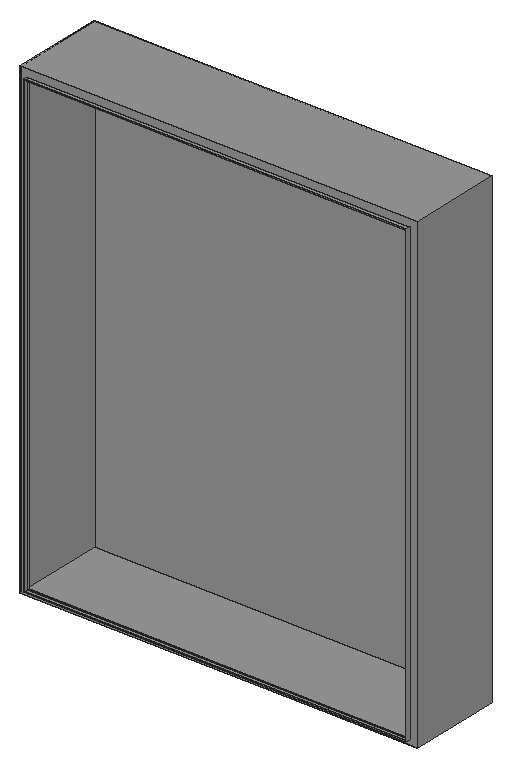
Revit family "Hager-Univers-IP30-D205-H950-Cl.II-Encl-NoHosted-NL-en", category Equipement électrique, Revit 2020
Family settings
  Configuration du panneau = Deux colonnes, circuits au sein
  Cote de connecteur circulaire = Utiliser le diamètre
  Type d'élément = Tableau de raccordement
  Basée sur le plan de construction = Oui
  Toujours verticalement = Oui
  Couper avec des vides une fois chargée = Non
  Partagée = Non
  Point de calcul de pièce = Non
Parameters (values of type "Surface mounted (plaster) IP30 W800 H950 D205  - FP63Q1S")
  Width Control [instance] = if([EF000008 - Width] > Min Width, [EF000008 - Width], Min Width)  # 800 mm
  Commentaires du type = [HG000003 - Range]  # "Univers"
  Thickness Door [instance] = if([EF009171 - Material plate thickness door/cover] > 3 mm, 3 mm, [EF009171 - Material plate thickness door/cover])  # 1 mm
  Seal Frame Offset [instance] = 17 mm  # constant formula
  Plinth Visibility [instance] = [HG000027 - Plinth height] > 0 mm  # no
  Min Width [instance] = 100 mm  # constant formula
  Min Depth [instance] = (2 * [EF009170 - Material plate thickness cabinet]) + 1 mm  # 3 mm
  Min Height [instance] = 100 mm  # constant formula
  Internal Frame Depth [instance] = (Door System Depth * 0.5)  # 9 mm
  Panel Name [instance] = ""  # (empty or 0)
  Model = ""
  HG000027 - Plinth height = 0 mm
  HG000026 - Floor standing = no
  HG000024 - Bottom section height = 600 mm
  HG000023 - Double section enclosure = no
  HG000016 - Door 3d visibility [instance] = yes
  HG000015 - Clearance visibility [instance] = no
  HG000014 - Door on the right [instance] = yes
  HG000013 - Door on the left [instance] = not([HG000014 - Door on the right])  # no
  HG000012 - Door swing angle [instance] = 30.00°
  HG000010 - Asymmetric doors = no
  HG000009 - Double swing door = no
  HG000006 - Flush mounted = no
  HG000004 - Manufacturer reference = "FP63Q1S"
  HG000003 - Range = "Univers"
  HG000002 - With door or cover = no
  Frame Offset Bottom [instance] = 10 mm  # constant formula
  Frame Offset [instance] = 15 mm  # constant formula
  EF015940 - Cover with overpressure release = no
  EF011959 - Degree of protection (NEMA) = ""
  EF009554 - Number of openings for flange plates = 6
  EF009212 - Cover model = "EV009916 - With notch"
  EF009171 - Material plate thickness door/cover = 1 mm
  EF009170 - Material plate thickness cabinet = 1 mm
  EF008873 - Nominal current (In) = 250 A
  EF007800 - Suitable for lightning protection = no
  EF006306 - With lock = no
  EF006244 - Transparent cover/door = no
  EF005474 - Degree of protection (IP) = "EV006410 - IP30"
  EF004464 - Type of door = "EV000494 - None"
  EF004427 - Number of modules = 216
  EF004293 - Impact strength = "EV006813 - IK07"
  EF003532 - Suitable for outdoor use = no
  EF002950 - Width in number of modular spacings = 36
  EF001613 - Circuit integrity = "EV000494 - None"
  EF001596 - Material housing = "EV000179 - Steel"
  EF001131 - Internal depth = 130 mm
  EF001088 - Extension possible = yes
  EF000437 - Number of conduit inlets = 6
  EF000339 - Type of cover = "EV000494 - None"
  EF000266 - Number of rows = 6
  EF000218 - Built-in depth = 0 mm
  EF000118 - With mounting plate = no
  EF000116 - RAL-number = "9010"
  EF000049 - Depth = 205 mm
  EF000040 - Height = 950 mm
  EF000008 - Width = 800 mm
  EF000007 - Colour = "EV000202 - White"
  EF000003 - Mounting method = "EV000384 - Surface mounted (plaster)"
  Door System Leaf Tolerance [instance] = 1.5 mm  # constant formula
  Door System Depth [instance] = 18 mm  # constant formula
  Door Height [instance] = Height Control - [HG000027 - Plinth height]  # 950 mm
  Description = ""
  Default Elevation = 1219.2 mm
  Connector Offset [instance] = Height Control / 2  # 475 mm
  Fabricant = "Hager"  # constant formula
  Height Control [instance] = if([EF000040 - Height] > Min Height, [EF000040 - Height], Min Height)  # 950 mm
  Depth Control [instance] = if([EF000049 - Depth] > Min Depth, [EF000049 - Depth], Min Depth)  # 205 mm
  Bottom Top Plate Trim [instance] = 1.5 mm  # constant formula
  Plinth height Ctrl [instance] = if([HG000027 - Plinth height] > 0 mm, [HG000027 - Plinth height], 12 mm)  # 12 mm
Types (5, lengths in mm): name | Width Control | HG000004 - Manufacturer reference | EF009554 - Number of openings for flange plates | EF004427 - Number of modules | EF002950 - Width in number of modular spacings | EF000437 - Number of conduit inlets | EF000008 - Width
  Surface mounted (plaster) IP30 W1050 H950 D205  - FP64Q1S | 1050 | "FP64Q1S" | 8 | 288 | 48 | 8 | 1050
  Surface mounted (plaster) IP30 W1300 H950 D205  - FP65Q1S | 1300 | "FP65Q1S" | 10 | 360 | 60 | 10 | 1300
  Surface mounted (plaster) IP30 W300 H950 D205  - FP61Q1S | 300 | "FP61Q1S" | 2 | 72 | 12 | 2 | 300
  Surface mounted (plaster) IP30 W550 H950 D205  - FP62Q1S | 550 | "FP62Q1S" | 4 | 144 | 24 | 4 | 550
  Surface mounted (plaster) IP30 W800 H950 D205  - FP63Q1S | 800 | "FP63Q1S" | 6 | 216 | 36 | 6 | 800
Reference planes
  plane 1 "Center (Front/Back)": y = 0
  plane 2: z = 0
  plane 3 "Center (Left/Right)": x = 0
  plane 4: y = 0
  plane 5: y = 0
  plane 6: z = 0
  plane 7: x = -400
  plane 8: x = 400
  plane 9: x = 399
  plane 10: x = -399
  plane 11: z = 0
  plane 12: z = 1
  plane 13: y = -205
  plane 14: y = -1
  plane 15: x = 0
  plane 16: y = -187
  plane 17: y = -204
  plane 18: y = -186
  plane 19: x = -384
  plane 20: x = 384
  plane 21: z = 11
  plane 22: x = -383
  plane 23: x = 383
  plane 24: z = 0
  plane 25: z = 950
  plane 26: z = 950
  plane 27: z = 934
  plane 28: z = 949
Forms (mm)
  Extrusion 1, solid, material "Hager_Steel_RAL7035_Light_Grey", detail levels medium+fine
    sketch origin (-208.679, -4572, 0) x (-1, 0, 0) y (0, -1, 0)
      loop
        line (191.321, -4385) -> (-608.679, -4385) -> (-608.679, -4572) -> (191.321, -4572) -> (191.321, -4385)
    from 0 to 950
  Extrusion 2, void
    sketch origin (-350.771, -205, 1219.2) x (1, 0, 0) y (0, 0, 1)
      loop
        line (-48.229, -270.2) -> (-48.229, -1218.2) -> (749.771, -1218.2) -> (749.771, -270.2) -> (-48.229, -270.2)
    from -19 to -204
  Extrusion 3, void
    sketch origin (-290.084, -187, 1219.2) x (1, 0, 0) y (0, 0, 1)
      loop
        line (-93.916, -1208.2) -> (674.084, -1208.2) -> (674.084, -285.2) -> (-93.916, -285.2) -> (-93.916, -1208.2)
    from 0 to -1
  Extrusion 4, solid, material "Hager_Steel_RAL7035_Light_Grey", visible <- "Plinth Visibility", detail levels medium+fine
    sketch origin (0, 0, 0) x (1, 0, 0) y (0, 1, 0)
      loop
        line (-400, 0) -> (-400, -187) -> (400, -187) -> (400, 0) -> (-400, 0)
    from 0 to 12 <- "Plinth height Ctrl"
  Extrusion 5, solid, material "Hager_Steel_RAL7035_Light_Grey", detail levels coarse
    sketch origin (0, 0, 0) x (1, 0, 0) y (0, 1, 0)
      loop
        line (-400, 0) -> (-400, -205) -> (400, -205) -> (400, 0) -> (-400, 0)
    from 0 to 950 <- "Height Control"
  Sweep 6, void
    path in 3D
      loop
        line (-400, -187, 12) -> (400, -187, 12) -> (400, 0, 12) -> (-400, 0, 12) -> (-400, -187, 12)
    profile origin (-400, -93.5, 12) x (1, 0, 0) y (0, 0, 1)
      loop
        line (0, 0) -> (0, -1.5) -> (1.5, -1.5)
        arc (1.5, -1.5) -> (1.061, -0.439) -> (0, 0) r 1.5
  Extrusion 7, solid, material "Hager_Steel_RAL7035_Light_Grey", detail levels fine
    sketch origin (-400, -187, 0) x (1, 0, 0) y (0, 0, 1)
      loop
        line (16, 11) -> (784, 11) -> (784, 934) -> (16, 934) -> (16, 11)
      loop
        line (15, 10) -> (785, 10) -> (785, 935) -> (15, 935) -> (15, 10)
    from 0 to 9 <- "Internal Frame Depth"
Cuts and joins
  Extrusion 2, Extrusion 3 cuts Extrusion 1
  Sweep 6 cuts Extrusion 4
Lines and regions (mm)
  Masking region 1
    outline origin (0, 0, 0) x (1, 0, 0) y (0, 1, 0)
      loop
        line (-400, 0) -> (-400, -205) -> (400, -205) -> (400, 0) -> (-400, 0)
  Masking region 2, detail levels coarse
    outline origin (-290.084, -187, 1219.2) x (-1, 0, 0) y (0, 0, 1)
      loop
        line (-690.084, -1219.2) -> (109.916, -1219.2) -> (109.916, -269.2) -> (-690.084, -269.2) -> (-690.084, -1219.2)
  Masking region 3, detail levels coarse
    outline origin (0, 0, 0) x (0, 1, 0) y (0, 0, 1)
      loop
        line (0, 0) -> (0, 950) -> (-205, 950) -> (-205, 0) -> (0, 0)
  Masking region 4, visible <- "Plinth Visibility", detail levels medium+fine
    outline origin (0, 0, 0) x (0, 1, 0) y (0, 0, 1)
      loop
        line (-1.5, 12) -> (-185.5, 12)
        arc (-185.5, 12) -> (-185.939, 10.939) -> (-187, 10.5) r 1.5
        line (-187, 10.5) -> (-187, 0) -> (0, 0) -> (0, 10.5)
        arc (0, 10.5) -> (-1.061, 10.939) -> (-1.5, 12) r 1.5
  Masking region 5, detail levels medium+fine
    outline origin (0, 0, 594.038) x (0, 1, 0) y (0, 0, 1)
      loop
        line (0, -594.038) -> (0, 355.962) -> (-187, 355.962) -> (-187, -594.038) -> (0, -594.038)
  Masking region 6, detail levels medium+fine
    outline origin (-359.7, -187, 1211.883) x (-1, 0, 0) y (0, 0, 1)
      loop
        line (-759.7, -1211.883) -> (40.3, -1211.883) -> (40.3, -261.883) -> (-759.7, -261.883) -> (-759.7, -1211.883)
  Masking region 7, visible <- "Plinth Visibility", detail levels medium+fine
    outline origin (-320.334, -187, 1041.368) x (-1, 0, 0) y (0, 0, 1)
      loop
        line (-720.334, -1041.368) -> (79.666, -1041.368) -> (79.666, -1030.868)
        arc (79.666, -1030.868) -> (78.606, -1030.429) -> (78.166, -1029.368) r 1.5
        line (78.166, -1029.368) -> (-718.834, -1029.368)
        arc (-718.834, -1029.368) -> (-719.273, -1030.429) -> (-720.334, -1030.868) r 1.5
        line (-720.334, -1030.868) -> (-720.334, -1041.368)
  sketch lines
    curve 1: line (-400, 0, 12) -> (-400, -187, 12)
    curve 2: line (-400, -187, 12) -> (400, -187, 12)
    curve 3: line (400, 0, 12) -> (-400, 0, 12)
    curve 4: line (400, -187, 12) -> (400, 0, 12)
Dimensions and locks
  locked: plane 1 "Center (Front/Back)" to plane 5
  "EF009170 - Material plate thickness cabinet": plane 7 to plane 10
  "EF009170 - Material plate thickness cabinet": plane 8 to plane 9
  equal spacing: plane 7, plane 3 "Center (Left/Right)", plane 8
  "Width Control": plane 7 to plane 8
  "Depth Control": plane 4 to plane 13
  "EF009170 - Material plate thickness cabinet": plane 4 to plane 14
  "Height Control": plane 25 to level
  "HG000027 - Plinth height": plane 11 to level
  "EF009170 - Material plate thickness cabinet": plane 12 to plane 11
  "EF009170 - Material plate thickness cabinet": plane 17 to plane 13
  "EF009170 - Material plate thickness cabinet": plane 18 to plane 16
  "Frame Offset Bottom": plane 21 to plane 12
  "Frame Offset": plane 10 to plane 19
  "Frame Offset": plane 9 to plane 20
  "Door System Depth": plane 16 to plane 13
  "Seal Frame Offset": plane 7 to plane 22
  "Seal Frame Offset": plane 8 to plane 23
  "EF009170 - Material plate thickness cabinet": plane 26 to plane 28
  "Frame Offset": plane 28 to plane 27
  "Connector Offset": plane 2 to connector elem
  "Bottom Top Plate Trim": profile plane to Sweep 6 sketch curve
  "Bottom Top Plate Trim": Sweep 6 sketch curve to Sweep 6 sketch curve
  "Plinth height Ctrl": Masking region 4 sketch curve to level
  "Plinth height Ctrl": Masking region 7 sketch curve to level
  "Thickness Door": Extrusion 7 sketch curve to Extrusion 7 sketch curve  (x4)
  "Bottom Top Plate Trim": radius of Sweep 6 sketch curve
  "Bottom Top Plate Trim": radius of Masking region 4 sketch curve  (x2)
  "Bottom Top Plate Trim": radius of Masking region 7 sketch curve  (x2)
  aligned and locked: Extrusion 2 sketch curve to plane 12
  aligned and locked: Extrusion 2 sketch curve to plane 9
  aligned and locked: Extrusion 2 sketch curve to plane 10
  aligned and locked: Extrusion 2 to plane 14
  aligned and locked: Extrusion 1 sketch curve to plane 4
  aligned and locked: plane 8 to Extrusion 1 sketch curve
  aligned and locked: plane 7 to Extrusion 1 sketch curve
  aligned and locked: Extrusion 2 to plane 18
  aligned and locked: Extrusion 3 sketch curve to plane 19
  aligned and locked: plane 20 to Extrusion 3 sketch curve
  aligned and locked: Extrusion 3 to Extrusion 2
  aligned and locked: Extrusion 3 sketch curve to plane 21
  aligned and locked: plane 3 "Center (Left/Right)" to nested 1
  aligned and locked: Extrusion 1 sketch curve to plane 16
  aligned and locked: Extrusion 4 sketch curve to cut or joined group of Extrusion 1, Extrusion 2, Extrusion 3
  aligned and locked: Masking region 1 sketch curve to plane 7
  aligned and locked: Masking region 1 sketch curve to plane 5
  aligned and locked: Masking region 1 sketch curve to plane 8
  aligned and locked: Masking region 2 sketch curve to level
  aligned and locked: level to Masking region 3 sketch curve
  aligned and locked: plane 1 "Center (Front/Back)" to Masking region 3 sketch curve
  aligned and locked: plane 13 to Masking region 3 sketch curve
  aligned and locked: plane 5 to Masking region 4 sketch curve
  aligned and locked: Masking region 2 sketch curve to plane 8
  aligned and locked: Masking region 2 sketch curve to plane 7
  aligned and locked: plane 7 to nested 2
  aligned and locked: nested 2 to plane 5
  aligned and locked: plane 5 to Masking region 5 sketch curve
  aligned and locked: plane 26 to Masking region 5 sketch curve
  aligned and locked: Extrusion 5 sketch curve to plane 8
  aligned and locked: Extrusion 5 sketch curve to plane 7
  aligned and locked: Extrusion 5 sketch curve to plane 5
  aligned and locked: Extrusion 3 sketch curve to plane 27
  aligned and locked: Extrusion 2 sketch curve to plane 28
  aligned and locked: Masking region 2 to plane 25
  aligned and locked: Extrusion 4 to plane 16
  aligned and locked: profile plane to Sweep 6 sketch curve
  aligned and locked: Masking region 5 sketch curve to plane 24
  aligned and locked: level to Masking region 4 sketch curve
  aligned and locked: Masking region 1 to plane 13
  aligned and locked: nested 1 to plane 16
  aligned and locked: Masking region 3 to plane 25
  aligned and locked: plane 16 to Masking region 4 sketch curve
  aligned and locked: Masking region 5 sketch curve to plane 16
  aligned and locked: plane 24 to plane 11
  aligned and locked: plane 26 to plane 25
  aligned and locked: plane 26 to cut or joined group of Extrusion 1, Extrusion 2, Extrusion 3
  aligned and locked: nested 1 to plane 24
  aligned and locked: Extrusion 1 to Extrusion 3
  aligned and locked: Masking region 6 sketch curve to plane 8
  aligned and locked: Masking region 6 sketch curve to plane 24
  aligned and locked: Masking region 6 sketch curve to plane 7
  aligned and locked: Masking region 6 sketch curve to plane 26
  aligned and locked: Masking region 7 sketch curve to plane 7
  aligned and locked: level to Masking region 7 sketch curve
  aligned and locked: Masking region 7 sketch curve to plane 8
  aligned and locked: Extrusion 7 sketch curve to cut or joined group of Extrusion 1, Extrusion 2, Extrusion 3  (x4)
Automatic sketch dimensions
  plane 19 to Extrusion 3 sketch curve = 0 mm
  Extrusion 3 sketch curve to plane 20 = 0 mm
  Extrusion 3 sketch curve to plane 21 = 0 mm
  Extrusion 4 sketch curve to plane 7 = 0 mm
  Extrusion 4 sketch curve to plane 8 = 0 mm
  Extrusion 4 sketch curve to plane 16 = 0 mm
  Masking region 1 sketch curve to plane 13 = 0 mm
  Masking region 2 sketch curve to plane 25 = 0 mm
  Masking region 3 sketch curve to plane 25 = 0 mm
  Extrusion 5 sketch curve to plane 13 = 0 mm
  profile plane to Sweep 6 sketch curve = 0 mm
Nested families
  nested 1: "EC000058_Univers_Door" at (0, -187, 0), Double <- "HG000009 - Double swing door", Transparent <- "EF006244 - Transparent cover/door", Angle <- "HG000012 - Door swing angle", Door_Right <- "HG000014 - Door on the right", Assymetrical <- "HG000010 - Asymmetric doors", Door <- "HG000002 - With door or cover", Width_Ctrl <- "Width Control", 3d_Door <- "HG000016 - Door 3d visibility", Clearance <- "HG000015 - Clearance visibility", Door_Left <- "HG000013 - Door on the left", Width <- "Width Control", Door_Depth <- "Door System Depth", Leaf_Tolerance <- "Door System Leaf Tolerance", Height <- "Door Height", Lock_Visibility <- "EF006306 - With lock", Thickness <- "Thickness Door", type "EC000058_Univers_Door", detail levels medium+fine
    with min_wh 3 mm, Width_Ctrl 800 mm, Width 800 mm, Transparent no, Thickness 1 mm, Seal_Material Hager_Rubber, Lock_Visibility no, Lock_Material Hager_Plastic_RAL9005_Jet_Black, Leaf_Width 800 mm, Leaf_Tolerance_External_Sides 0 mm, Leaf_Tolerance 1.5 mm, Leaf_Offset 0 mm, Leaf_Height 947 mm, Leaf_2_Width 800 mm, Leaf_2_Offset 400 mm, Leaf_1_Width 800 mm, Leaf_1_Offset 400 mm, Height_Ctrl 950 mm, Height 950 mm, Glass_Material Hager_Glass, Double_Clearance_Ctrl no, Double no, Door_Right_Ctrl no, Door_Right yes, Door_Material Hager_Steel_RAL7035_Light_Grey, Door_Left_Ctrl no, Door_Left no, Door_Depth 18 mm, Door no, Clearance_Material Hager_Clearance, Clearance_Depth 800 mm, Clearance_Ctrl no, Clearance no, Assymetrical no, Angle 30.00°, 3d_Door yes
  nested 2: "Hager_Enclosure_Symbol" at (-400, 0, 0), Height <- "Depth Control", Width <- "Width Control", type "Hager_Enclosure_Symbol"
    with Width_Ctrl 800 mm, Width 800 mm, Height_Ctrl 205 mm, Height 205 mm, A_Width_Int 13.453 mm, A_Width 161.438 mm, A_Height_Ctrl 179.375 mm, A_Height 179.375 mm
Connectors
  electrical at (0, 0, 475)
    settings: on plane 1 "Center (Front/Back)", index 1, voltage 0 V, apparent load 0 VA, apparent load phase1 0 VA, apparent load phase2 0 VA, apparent load phase3 0 VA, power factor 1, load classification "Other", number of poles 1, system type 30, power factor state 1, is connector primary yes, connector utility no, sub classification motor no, connector description ""
Definition of nested family "EC000058_Univers_Door"
  Parameters (values of type "EC000058_Univers_Door")
    min_wh [instance] = (2 * Thickness) + 1 mm  # 11 mm
    Width_Ctrl [instance] = 400 mm
    Width [instance] = 500 mm
    Transparent [instance] = yes
    Thickness [instance] = 5 mm
    Seal_Material [instance] = none
    Lock_Visibility [instance] = yes
    Lock_Material [instance] = none
    Leaf_Width [instance] = if((Width_Ctrl - 2 * Leaf_Tolerance_External_Sides) > 0 mm, (Width_Ctrl - 2 * Leaf_Tolerance_External_Sides), min_wh)  # 400 mm
    Leaf_Tolerance_External_Sides [instance] = 0 mm  # constant formula
    Leaf_Tolerance [instance] = 1.5 mm
    Leaf_Offset [instance] = 0 mm  # constant formula
    Leaf_Height [instance] = if((Height_Ctrl - 2 * Leaf_Tolerance) > 0 mm, (Height_Ctrl - 2 * Leaf_Tolerance), min_wh)  # 497 mm
    Leaf_2_Width [instance] = if(and(and(Double, Assymetrical), Door_Left), (Leaf_Width / 3) - (Leaf_Tolerance / 2), if(and(and(Double, Assymetrical), Door_Right), (Leaf_Width / 3) * 2 - (Leaf_Tolerance / 2), if(and(Double, not(Assymetrical)), (Leaf_Width / 2) - Leaf_Tolerance, Leaf_Width)))  # 400 mm
    Leaf_2_Offset [instance] = if(and(Double, Assymetrical), Leaf_2_Width / 2, if(and(Double, not(Assymetrical)), Leaf_Width / 4, Leaf_Width / 2))  # 200 mm
    Leaf_1_Width [instance] = if(and(and(Double, Assymetrical), Door_Right), (Leaf_Width / 3) - (Leaf_Tolerance / 2), if(and(and(Double, Assymetrical), Door_Left), (Width / 3) * 2 - (Leaf_Tolerance / 2), if(and(Double, not(Assymetrical)), (Leaf_Width / 2) - Leaf_Tolerance, Leaf_Width)))  # 400 mm
    Leaf_1_Offset [instance] = if(and(Double, Assymetrical), Leaf_1_Width / 2, if(and(Double, not(Assymetrical)), Leaf_Width / 4, Leaf_Width / 2))  # 200 mm
    Height_Ctrl [instance] = if(Height > min_wh, Height, min_wh)  # 500 mm
    Height [instance] = 500 mm
    Glass_Material [instance] = none
    Double_Clearance_Ctrl [instance] = and(Double, Clearance)  # no
    Double [instance] = no
    Door_Right_Ctrl [instance] = and(or(Door_Right, Double), Door)  # yes
    Door_Right [instance] = yes
    Door_Material [instance] = none
    Door_Left_Ctrl [instance] = and(or(Door_Left, Double), Door)  # no
    Door_Left [instance] = no
    Door_Depth [instance] = 30 mm
    Door [instance] = yes
    Default Elevation = 1219.2 mm
    Clearance_Material [instance] = none
    Clearance_Depth [instance] = if(Leaf_1_Width > Leaf_2_Width, Leaf_1_Width, Leaf_2_Width)  # 400 mm
    Clearance_Ctrl [instance] = and(not(Double), Clearance)  # yes
    Clearance [instance] = yes
    Assymetrical [instance] = yes
    Angle [instance] = 30.00°
    3d_Door [instance] = yes
  Reference planes
    plane 1 "Center (Front/Back)": y = 0
    plane 2 "Bottom": z = 0
    plane 3 "Center (Left/Right)": x = 0
    plane 4: z = 500
    plane 5: x = -200
    plane 6: x = 200
    plane 7: z = 500
    plane 8: x = -200
    plane 9: z = 0
    plane 10: x = 200
    plane 11: y = 0
    plane 12: z = 1.5
    plane 13: x = -600
    plane 14: y = -400
    plane 15: x = 600
    plane 16: x = 0
    plane 17: x = 0
    plane 18: x = -200
    plane 19: x = 200
    plane 20: z = 498.5
  Forms (mm)
    Extrusion 1, solid, material <- "Clearance_Material", visible <- "Double_Clearance_Ctrl"
      sketch origin (1200, 0, 0) x (1, 0, 0) y (0, 0, -1)
        loop
          line (-1800, -498.5) -> (-600, -498.5) -> (-600, 0) -> (-1800, 0) -> (-1800, -498.5)
      from 0 to -400
  Dimensions and locks
    equal spacing: plane 5, plane 3 "Center (Left/Right)", plane 6
    "Width_Ctrl": plane 5 to plane 6
    "Leaf_Offset": plane 5 to plane 8
    "Leaf_Offset": plane 6 to plane 10
    "Leaf_Offset": plane 9 to level
    "Leaf_Offset": plane 4 to plane 7
    "Height_Ctrl": plane 4 to level
    "Leaf_Tolerance": plane 12 to plane 9
    locked: plane 11 to plane 1 "Center (Front/Back)"
    "Leaf_1_Offset": plane 18 to plane 16
    "Leaf_2_Offset": plane 17 to plane 19
    "Leaf_1_Width": plane 13 to plane 8
    "Leaf_2_Width": plane 10 to plane 15
    "Clearance_Depth": plane 14 to plane 1 "Center (Front/Back)"
    "Leaf_Tolerance_External_Sides": plane 8 to plane 18
    "Leaf_Tolerance_External_Sides": plane 19 to plane 10
    "Leaf_Tolerance": plane 7 to plane 20
    aligned and locked: level to plane 2 "Bottom"
    aligned and locked: nested 1 to plane 16
    aligned and locked: nested 2 to plane 17
    aligned and locked: Extrusion 1 to plane 13
    aligned and locked: plane 15 to Extrusion 1
    aligned and locked: Extrusion 1 to plane 14
    aligned and locked: plane 12 to nested 1
    aligned and locked: nested 2 to plane 12
    aligned and locked: Extrusion 1 to plane 11
    aligned and locked: plane 20 to Extrusion 1
    aligned and locked: nested 2 to plane 11
    aligned and locked: nested 1 to plane 11
  Automatic sketch dimensions
    Extrusion 1 sketch curve to level = 0 mm
    plane 5 to Extrusion 1 sketch curve = 400 mm
    plane 6 to Extrusion 1 sketch curve = 400 mm
    Extrusion 1 sketch curve to plane 4 = 1.5 mm
  Nested families
    nested 1: "EC000058_Univers_Door_Leaf" at (0, 0, 1.5), Width <- "Leaf_1_Width", visible <- "Door_Left_Ctrl", Leaf_Height <- "Leaf_Height", Angle <- "Angle", 3d_Door <- "3d_Door", Transparent <- "Transparent", Clearance Material <- "Clearance_Material", Clearance <- "Clearance_Ctrl", Door_Material <- "Door_Material", Glass_Material <- "Glass_Material", Door_Depth <- "Door_Depth", Lock_Material <- "Lock_Material", Seal_Material <- "Seal_Material", Lock_Visibility <- "Lock_Visibility", Thickness <- "Thickness", type "EC000058_Univers_Door_Leaf"
      with Width 400 mm, Transparent_Glass_Offset 30 mm, Transparent_Ctrl yes, Transparent yes, Thickness 5 mm, Standard no, Seal_Material none, Seal_D2 8 mm, Seal_D1 1 mm, Offset_Internal_Frame 10 mm, Lock_Width 20 mm, Lock_Visibility_3d yes, Lock_Visibility yes, Lock_Thickness_3 3 mm, Lock_Thickness_2 1 mm, Lock_Thickness_1 3 mm, Lock_Radius_Offset_2 16 mm, Lock_Radius_Offset_1 15 mm, Lock_Radius_2 5 mm, Lock_Radius 6 mm, Lock_Offset 5 mm, Lock_Material none, Lock_Height 80 mm, Lock_Cover_Top_Offset_2d 17 mm, Lock_Cover_Height -65 mm, Leaf_Height 497 mm, Internal_Seal_Thickness 8 mm, Internal_Seal_Depth_2 4.5 mm, Internal_Frame_Depth 25 mm, Glass_Thickness -1 mm, Glass_Offset -2 mm, Glass_Material none, Door_Material none, Door_Depth 30 mm, Clearance Material none, Clearance yes, Angle_Ctrl 30.00°, Angle 30.00°, 3d_Door yes
    nested 2: "EC000058_Univers_Door_Leaf" at (0, 0, 1.5) x (-1, 0, 0) z (0, 0, 1), Width <- "Leaf_2_Width", visible <- "Door_Right_Ctrl", Leaf_Height <- "Leaf_Height", Angle <- "Angle", 3d_Door <- "3d_Door", Transparent <- "Transparent", Clearance Material <- "Clearance_Material", Clearance <- "Clearance_Ctrl", Door_Material <- "Door_Material", Glass_Material <- "Glass_Material", Door_Depth <- "Door_Depth", Lock_Material <- "Lock_Material", Seal_Material <- "Seal_Material", Lock_Visibility <- "Lock_Visibility", Thickness <- "Thickness", type "EC000058_Univers_Door_Leaf"
      with Width 400 mm, Transparent_Glass_Offset 30 mm, Transparent_Ctrl yes, Transparent yes, Thickness 5 mm, Standard no, Seal_Material none, Seal_D2 8 mm, Seal_D1 1 mm, Offset_Internal_Frame 10 mm, Lock_Width 20 mm, Lock_Visibility_3d yes, Lock_Visibility yes, Lock_Thickness_3 3 mm, Lock_Thickness_2 1 mm, Lock_Thickness_1 3 mm, Lock_Radius_Offset_2 16 mm, Lock_Radius_Offset_1 15 mm, Lock_Radius_2 5 mm, Lock_Radius 6 mm, Lock_Offset 5 mm, Lock_Material none, Lock_Height 80 mm, Lock_Cover_Top_Offset_2d 17 mm, Lock_Cover_Height -65 mm, Leaf_Height 497 mm, Internal_Seal_Thickness 8 mm, Internal_Seal_Depth_2 4.5 mm, Internal_Frame_Depth 25 mm, Glass_Thickness -1 mm, Glass_Offset -2 mm, Glass_Material none, Door_Material none, Door_Depth 30 mm, Clearance Material none, Clearance yes, Angle_Ctrl 30.00°, Angle 30.00°, 3d_Door yes
  Definition of nested family "EC000058_Univers_Door_Leaf"
    Parameters (values of type "EC000058_Univers_Door_Leaf")
      Width [instance] = 2000 mm
      Transparent_Glass_Offset [instance] = 30 mm
      Transparent_Ctrl [instance] = and(Transparent, [3d_Door])  # yes
      Transparent [instance] = yes
      Thickness [instance] = 5 mm
      Standard [instance] = and(not(Transparent), [3d_Door])  # no
      Seal_Material [instance] = none
      Seal_D2 [instance] = 8 mm  # constant formula
      Seal_D1 [instance] = 1 mm  # constant formula
      Offset_Internal_Frame [instance] = 10 mm  # constant formula
      Lock_Width [instance] = 20 mm  # constant formula
      Lock_Visibility_3d [instance] = and(Lock_Visibility, [3d_Door])  # yes
      Lock_Visibility [instance] = yes
      Lock_Thickness_3 [instance] = 3 mm  # constant formula
      Lock_Thickness_2 [instance] = 1 mm  # constant formula
      Lock_Thickness_1 [instance] = 3 mm  # constant formula
      Lock_Radius_Offset_2 [instance] = Lock_Radius_Offset_1 + 1 mm  # 16 mm
      Lock_Radius_Offset_1 [instance] = 15 mm  # constant formula
      Lock_Radius_2 [instance] = Lock_Radius - 1 mm  # 5 mm
      Lock_Radius [instance] = 6 mm  # constant formula
      Lock_Offset [instance] = 5 mm  # constant formula
      Lock_Material [instance] = none
      Lock_Height [instance] = 80 mm  # constant formula
      Lock_Cover_Top_Offset_2d [instance] = Lock_Radius_Offset_2 + 1 mm  # 17 mm
      Lock_Cover_Height [instance] = -(Lock_Height - Lock_Radius_Offset_1)  # -65 mm
      Leaf_Height [instance] = 2720.336 mm
      Internal_Seal_Thickness [instance] = 8 mm  # constant formula
      Internal_Seal_Depth_2 [instance] = 4.5 mm  # constant formula
      Internal_Frame_Depth [instance] = if(Door_Depth - Thickness > 5 mm, Door_Depth - Thickness, 5 mm)  # 25 mm
      Glass_Thickness [instance] = if(Thickness > 15 mm, Glass_Offset + 10 mm, -1 mm)  # -1 mm
      Glass_Offset [instance] = if(Thickness > 15 mm, -(Thickness + 10 mm) / 2, -2 mm)  # -2 mm
      Glass_Material [instance] = none
      Door_Material [instance] = none
      Door_Depth [instance] = 30 mm
      Default Elevation = 0 mm
      Clearance Material [instance] = none
      Clearance [instance] = yes
      Angle_Ctrl [instance] = if(Angle > 180.00°, 180.00°, Angle)  # 90.00°
      Angle [instance] = 90.00°
      3d_Door [instance] = yes
    Reference planes
      plane 1 "Center (Front/Back)": y = 0
      plane 2: z = 0
      plane 3 "Center (Left/Right)": x = 0
      plane 4: y = 2000
      plane 5: x = -1000
      plane 6: x = 1000
      plane 7: x = -3000
      plane 8: z = 2720.336
      plane 9: z = 30
      plane 10: z = 2690.336
      plane 11: x = 970
      plane 12: x = -970
      plane 13: y = -3
      plane 14: z = 107.833
      plane 15: y = -5
      plane 16: y = -223.314
      plane 17: x = -1000
      plane 18: z = 1360.168
      plane 19: y = 30
    Forms (mm)
      Extrusion 1, solid, material <- "Clearance Material", visible <- "Clearance"
        sketch origin (0, 0, 0) x (1, 0, 0) y (0, 0, 1)
          loop
            line (-3000, 2720.336) -> (-3000, 0) -> (1000, 0) -> (1000, 2720.336) -> (-3000, 2720.336)
        from 0 to -2000
      Extrusion 2, solid, material <- "Door_Material", visible <- "Standard", detail levels medium+fine
        sketch origin (-1000, 0, 0) x (0, 1, 0) y (-1, 0, 0)
          loop
            line (0, 30) -> (0, 25) -> (2000, 25) -> (2000, 30) -> (0, 30)
        from 0 to 2720.336 <- "Leaf_Height"
      Extrusion 3, solid, material <- "Door_Material", visible <- "Transparent_Ctrl", detail levels medium+fine
        sketch origin (-1000, 0, 0) x (0, 1, 0) y (-1, 0, 0)
          loop
            line (0, 25) -> (2000, 25) -> (2000, 30) -> (0, 30) -> (0, 25)
        from 0 to 2720.336 <- "Leaf_Height"
      Extrusion 4, void
        sketch origin (-1025, 2000, 0) x (0, 1, 0) y (0, 0, -1)
          loop
            line (-30, -2690.336) -> (-30, -30) -> (-1970, -30) -> (-1970, -2690.336) -> (-30, -2690.336)
        from 0 to 5 <- "Thickness"
      Sweep 5, solid, material <- "Seal_Material", visible <- "Transparent_Ctrl", detail levels fine
        path in 3D
          loop
            line (-1025, 30, 30) -> (-1025, 30, 2690.336) -> (-1025, 1970, 2690.336) -> (-1025, 1970, 30) -> (-1025, 30, 30)
        profile origin (-1025, 1000, 30) x (1, 0, 0) y (0, 0, 1)
          loop
            line (0, 0) -> (0, -8) -> (1, -8) -> (1, 0) -> (0, 0)
      Extrusion 6, solid, material <- "Glass_Material", visible <- "Transparent_Ctrl", detail levels medium+fine
        sketch origin (-1030, 0, 0) x (0, 1, 0) y (0, 0, -1)
          loop
            line (1970, -2690.336) -> (1970, -30) -> (30, -30) -> (30, -2690.336) -> (1970, -2690.336)
        from -2 <- "Glass_Offset" to -1 <- "Glass_Thickness"
      Extrusion 7, solid, material <- "Door_Material", visible <- "3d_Door", detail levels medium+fine
        sketch origin (-1025, 2000, 0) x (0, -1, 0) y (0, 0, -1)
          loop
            line (0, -2720.336) -> (2000, -2720.336) -> (2000, 0) -> (0, 0) -> (0, -2720.336)
          loop
            line (1995, -5) -> (5, -5) -> (5, -2715.336) -> (1995, -2715.336) -> (1995, -5)
        from 0 to 25 <- "Internal_Frame_Depth"
      Sweep 8, solid, material <- "Seal_Material", visible <- "Transparent_Ctrl", detail levels fine
        path in 3D
          loop
            line (-1025, 0, 0) -> (-1025, 2000, 0) -> (-1025, 2000, 2720.336) -> (-1025, 0, 2720.336) -> (-1025, 0, 0)
        profile origin (-1025, 0, 1360.168) x (1, 0, 0) y (0, 1, 0)
          loop
            line (0, 10) -> (2.975, 10)
            arc (2.975, 10) -> (4.053, 10.447) -> (4.5, 11.525) r 1.525
            line (4.5, 11.525) -> (4.5, 16.527)
            arc (4.5, 16.527) -> (4.069, 17.569) -> (3.027, 18) r 1.473
            line (3.027, 18) -> (0, 18) -> (0, 10)
      Extrusion 9, solid, material <- "Lock_Material", visible <- "Lock_Visibility_3d", detail levels fine
        sketch origin (-1030, 0, 0) x (0, 1, 0) y (0, 0, -1)
          loop
            arc (1993.5, -1400.168) -> (1994.561, -1399.729) -> (1995, -1398.668) r 1.5
            line (1995, -1398.668) -> (1995, -1320.168) -> (1975, -1320.168) -> (1975, -1398.668)
            arc (1975, -1398.668) -> (1975.439, -1399.729) -> (1976.5, -1400.168) r 1.5
            line (1976.5, -1400.168) -> (1993.5, -1400.168)
        from 3 <- "Lock_Thickness_1" to 0
      Blend 10, solid, material <- "Lock_Material", visible <- "Lock_Visibility_3d", detail levels fine
        base sketch origin (-1033, 0, 0) x (0, 1, 0) y (0, 0, -1)
          loop
            line (1975, -1320.168) -> (1975, -1398.668)
            arc (1975, -1398.668) -> (1975.439, -1399.729) -> (1976.5, -1400.168) r 1.5
            line (1976.5, -1400.168) -> (1993.5, -1400.168)
            arc (1993.5, -1400.168) -> (1994.561, -1399.729) -> (1995, -1398.668) r 1.5
            line (1995, -1398.668) -> (1995, -1320.168) -> (1975, -1320.168)
        top sketch origin (-1033, 0, 0) x (0, 1, 0) y (0, 0, -1)
          loop
            line (1976, -1320.168) -> (1976, -1398.668)
            arc (1976, -1398.668) -> (1976.146, -1399.022) -> (1976.5, -1399.168) r 0.5
            line (1976.5, -1399.168) -> (1993.5, -1399.168)
            arc (1993.5, -1399.168) -> (1993.854, -1399.022) -> (1994, -1398.668) r 0.5
            line (1994, -1398.668) -> (1994, -1320.168) -> (1976, -1320.168)
        from 0 to 1 <- "Lock_Thickness_2"
      Blend 11, solid, material <- "Lock_Material", visible <- "Lock_Visibility_3d", detail levels fine
        base sketch origin (-1034, 0, 0) x (0, 1, 0) y (0, 0, -1)
          loop
            line (1978, -1320.168) -> (1978, -1384.168)
            arc (1978, -1384.168) -> (1985, -1391.168) -> (1992, -1384.168) r 7
            line (1992, -1384.168) -> (1992, -1320.168) -> (1978, -1320.168)
        top sketch origin (-1034, 0, 0) x (0, 1, 0) y (0, 0, -1)
          loop
            line (1991, -1320.168) -> (1979, -1320.168) -> (1979, -1383.168)
            arc (1979, -1383.168) -> (1985, -1389.168) -> (1991, -1383.168) r 6
            line (1991, -1383.168) -> (1991, -1320.168)
        from 0 to 3 <- "Lock_Thickness_3"
      Extrusion 12, solid, material <- "Lock_Material", visible <- "Lock_Visibility_3d", detail levels fine
        sketch origin (-1030, 1975, 1320.168) x (1, 0, 0) y (0, -1, 0)
          loop
            line (-7, -19) -> (-7, -1) -> (0, -1) -> (0, 0) -> (-8, 0) -> (-8, -20) -> (0, -20) -> (0, -19) -> (-7, -19)
        from 0 to -65 <- "Lock_Cover_Height"
      Extrusion 13, void
        sketch origin (-1038, 1995, 1320.168) x (-1, 0, 0) y (0, 0, -1)
          loop
            line (-5, -65) -> (0, -65) -> (-5, -60) -> (-5, -65)
        from 0 to 20 <- "Lock_Width"
      Extrusion 14, void
        sketch origin (-1038, 1975, 1320.168) x (0, -1, 0) y (0, 0, -1)
          loop
            circle (-10, -15.995) r 6
          loop
            circle (-10, -15.995) r 5
        from 0 to 2
      Extrusion 15, solid, material <- "Lock_Material", visible <- "Lock_Visibility_3d", detail levels medium
        sketch origin (-1030, 0, 0) x (0, 1, 0) y (0, 0, -1)
          loop
            arc (1993.5, -1400.168) -> (1994.561, -1399.729) -> (1995, -1398.668) r 1.5
            line (1995, -1398.668) -> (1995, -1320.168) -> (1975, -1320.168) -> (1975, -1398.668)
            arc (1975, -1398.668) -> (1975.439, -1399.729) -> (1976.5, -1400.168) r 1.5
            line (1976.5, -1400.168) -> (1993.5, -1400.168)
        from 8 to 0
    Cuts and joins
      Extrusion 4 cuts Extrusion 3
      Extrusion 13, Extrusion 14 cuts Extrusion 9
      Extrusion 14 cuts Blend 11
      Extrusion 13, Extrusion 14 cuts Extrusion 12
      joined: Extrusion 9, Blend 10, Blend 11, Extrusion 12
      Extrusion 14 cuts Extrusion 15
    Lines and regions (mm)
      Masking region 1, visible <- "Lock_Visibility", detail levels fine
        outline origin (0, 0, 0) x (0, 1, 0) y (0, 0, 1)
          loop
            line (30, 1320.168) -> (33, 1320.168) -> (33, 1400.168) -> (30, 1400.168) -> (30, 1320.168)
      Masking region 2, visible <- "Lock_Visibility", detail levels fine
        outline origin (0, 3.143, 0) x (0, 1, 0) y (0, 0, 1)
          loop
            line (29.857, 1354.168) -> (30.857, 1354.168) -> (30.857, 1366.168) -> (29.857, 1366.168) -> (29.857, 1354.168)
      Masking region 3, detail levels medium+fine
        outline origin (0, 0, 0) x (0, 1, 0) y (0, 0, 1)
          loop
            line (0, 0) -> (30, 0) -> (30, 2720.336) -> (0, 2720.336) -> (0, 0)
      Masking region 4, detail levels medium+fine
        outline origin (0, 0, 0) x (1, 0, 0) y (0, 0, 1)
          loop
            line (-1000, 2720.336) -> (-1000, 0) -> (1000, 0) -> (1000, 2720.336) -> (-1000, 2720.336)
      Masking region 5, visible <- "Lock_Visibility", detail levels fine
        outline origin (-47.116, 0, 0) x (1, 0, 0) y (0, 0, 1)
          loop
            arc (1024.616, 1399.168) -> (1023.556, 1398.729) -> (1023.116, 1397.668) r 1.5
            line (1023.116, 1397.668) -> (1023.116, 1320.168) -> (1041.116, 1320.168) -> (1041.116, 1397.668)
            arc (1041.116, 1397.668) -> (1040.677, 1398.729) -> (1039.616, 1399.168) r 1.5
            line (1039.616, 1399.168) -> (1024.616, 1399.168)
      Masking region 6, visible <- "Lock_Visibility", detail levels medium+fine
        outline origin (-25, 0, 0) x (1, 0, 0) y (0, 0, 1)
          loop
            arc (1001.5, 1400.168) -> (1000.439, 1399.729) -> (1000, 1398.668) r 1.5
            line (1000, 1398.668) -> (1000, 1320.168) -> (1020, 1320.168) -> (1020, 1398.668)
            arc (1020, 1398.668) -> (1019.561, 1399.729) -> (1018.5, 1400.168) r 1.5
            line (1018.5, 1400.168) -> (1001.5, 1400.168)
      Masking region 7, visible <- "Lock_Visibility", detail levels fine
        outline origin (-73.735, 0, 0) x (1, 0, 0) y (0, 0, 1)
          loop
            line (1051.735, 1382.168) -> (1065.735, 1382.168) -> (1065.735, 1384.168)
            arc (1065.735, 1384.168) -> (1058.735, 1391.168) -> (1051.735, 1384.168) r 7
            line (1051.735, 1384.168) -> (1051.735, 1382.168)
      Masking region 8, visible <- "Lock_Visibility", detail levels fine
        outline origin (-73.735, 0, 0) x (1, 0, 0) y (0, 0, 1)
          loop
            line (1052.735, 1382.168) -> (1064.735, 1382.168) -> (1064.735, 1383.168)
            arc (1064.735, 1383.168) -> (1058.735, 1389.168) -> (1052.735, 1383.168) r 6
            line (1052.735, 1383.168) -> (1052.735, 1382.168)
      Masking region 9, visible <- "Lock_Visibility", detail levels fine
        outline origin (-25, 0, 0) x (1, 0, 0) y (0, 0, 1)
          loop
            line (1020, 1320.168) -> (1020, 1382.168) -> (1000, 1382.168) -> (1000, 1320.168) -> (1020, 1320.168)
      Masking region 10, detail levels medium+fine
        outline origin (0, 0, 0) x (1, 0, 0) y (0, 0, 1)
          loop
            circle (985, 1335.144) r 6
      Masking region 11, detail levels fine
        outline origin (0, 0, 0) x (1, 0, 0) y (0, 0, 1)
          loop
            circle (985, 1335.144) r 5
      Masking region 12, visible <- "Lock_Visibility", detail levels fine
        outline origin (0, 12.767, 0) x (0, 1, 0) y (0, 0, 1)
          loop
            line (20.233, 1320.168) -> (21.233, 1320.168) -> (21.233, 1399.168) -> (20.233, 1400.168) -> (20.233, 1320.168)
      Masking region 13, visible <- "Lock_Visibility", detail levels fine
        outline origin (0, 13.767, -10) x (0, 1, 0) y (0, 0, 1)
          loop
            line (20.233, 1330.168) -> (23.233, 1330.168) -> (23.233, 1399.168) -> (20.233, 1402.168) -> (20.233, 1330.168)
      Masking region 14, visible <- "Lock_Visibility", detail levels fine
        outline origin (0, 12.767, -10) x (0, 1, 0) y (0, 0, 1)
          loop
            line (20.233, 1330.168) -> (25.233, 1330.168) -> (25.233, 1399.305) -> (20.233, 1394.305) -> (20.233, 1330.168)
      Masking region 15, visible <- "Lock_Visibility", detail levels medium
        outline origin (0, 0, 0) x (0, 1, 0) y (0, 0, 1)
          loop
            line (30, 1320.168) -> (38, 1320.168) -> (38, 1400.168) -> (30, 1400.168) -> (30, 1320.168)
      Masking region 16, visible <- "Lock_Visibility", detail levels fine
        outline origin (-1000, 0, 0) x (0, 1, 0) y (-1, 0, 0)
          loop
            line (1975, 30) -> (1995, 30) -> (1995, 38) -> (1975, 38) -> (1975, 30)
          loop
            line (1979, 37) -> (1976, 37) -> (1976, 34) -> (1978, 34) -> (1979, 37)
          loop
            line (1994, 37) -> (1991, 37) -> (1992, 34) -> (1994, 34) -> (1994, 37)
      Masking region 17, visible <- "Lock_Visibility", detail levels medium
        outline origin (-1000, 0, 0) x (0, 1, 0) y (-1, 0, 0)
          loop
            line (1975, 30) -> (1995, 30) -> (1995, 38) -> (1975, 38) -> (1975, 30)
      symbolic lines
        curve 1: line (1000, 0, 0) -> (-3000, 0, 0)
        curve 2: arc (1000, 0, 0) -> (-1000, 2000, 0) -> (-3000, 0, 0) r 2000
        curve 4: line (-1030, 0, 0) -> (-1030, 2000, 0)
      reference lines
        curve 3: line (-1000, 0, 0) -> (-1000, 2000, 0)
      symbolic lines, detail levels medium+fine
        curve 5: line (-1030, 2000, 0) -> (-1025, 2000, 0)
        curve 7: line (-1025, 0, 0) -> (-1030, 0, 0)
        curve 8: line (-1025, 0, 0) -> (-1000, 0, 0)
        curve 9: line (-1000, 0, 0) -> (-1000, 2000, 0)
        curve 10: line (-1000, 2000, 0) -> (-1025, 2000, 0)
      symbolic lines, detail levels fine
        curve 6: line (-1025, 2000, 0) -> (-1025, 0, 0)
      sketch lines
        curve 11: line (-1025, 0, 2720.336) -> (-1025, 0, 0)
        curve 12: line (-1025, 2000, 0) -> (-1025, 0, 0)
        curve 13: line (-1025, 2000, 2720.336) -> (-1025, 2000, 0)
        curve 14: line (-1025, 0, 2720.336) -> (-1025, 2000, 2720.336)
        curve 15: line (-1025, 1970, 30) -> (-1025, 30, 30)
        curve 16: line (-1025, 30, 30) -> (-1025, 30, 2690.336)
        curve 17: line (-1025, 1970, 2690.336) -> (-1025, 1970, 30)
        curve 18: line (-1025, 30, 2690.336) -> (-1025, 1970, 2690.336)
      symbolic lines, visible <- "Transparent", detail levels medium+fine
        curve 19: line (-970, 0, 2690.336) -> (970, 0, 2690.336)
        curve 20: line (-970, 0, 30) -> (-970, 0, 2690.336)
        curve 21: line (970, 0, 30) -> (-970, 0, 30)
        curve 22: line (970, 0, 2690.336) -> (970, 0, 30)
    Dimensions and locks
      "Width": plane 1 "Center (Front/Back)" to plane 4
      equal spacing: plane 5, plane 3 "Center (Left/Right)", plane 6
      "Width": plane 5 to plane 6
      "Width": plane 7 to plane 5
      "Leaf_Height": plane 8 to level
      "Width": curve 5 to curve 3
      "Width": curve 3 to curve 3
      plane 8 to plane 10 = 30 mm
      plane 9 to level = 30 mm
      plane 12 to plane 5 = 30 mm
      plane 6 to plane 11 = 30 mm
      Extrusion 1 to Extrusion 4 sketch curve = 30 mm
      "Transparent_Glass_Offset": curve 3 to Extrusion 4 sketch curve
      "Transparent_Glass_Offset": Extrusion 4 sketch curve to cut or joined group of Extrusion 3, Extrusion 4  (x2)
      cut or joined group of Extrusion 3, Extrusion 4 to Extrusion 6 sketch curve = 30 mm
      "Transparent_Glass_Offset": cut or joined group of Extrusion 3, Extrusion 4 to Extrusion 4 sketch curve
      "Thickness": curve 6 to curve 4
      "Thickness": Extrusion 7 sketch curve to Extrusion 7 sketch curve  (x4)
      "Door_Depth": curve 4 to curve 3
      "Offset_Internal_Frame": profile plane to Sweep 8 sketch curve
      "Internal_Seal_Thickness": Sweep 8 sketch curve to Sweep 8 sketch curve
      "Internal_Seal_Depth_2": profile plane to Sweep 8 sketch curve
      "Seal_D1": profile plane to Sweep 5 sketch curve
      "Seal_D2": profile plane to Sweep 5 sketch curve
      "Thickness": Extrusion 2 sketch curve to Extrusion 2 sketch curve
      equal spacing: Extrusion 9 sketch curve, plane 18, Extrusion 9 sketch curve  (x2)
      equal spacing: Masking region 1 sketch curve, plane 18, Masking region 1 sketch curve
      "Lock_Height": Masking region 1 sketch curve to Masking region 1 sketch curve
      "Lock_Radius": Masking region 2 sketch curve to plane 18 to Masking region 2 sketch curve
      Masking region 2 sketch curve to Masking region 1 = 1 mm
      "Door_Depth": plane 19 to plane 1 "Center (Front/Back)"
      "Lock_Thickness_1": Masking region 1 sketch curve to plane 19
      "Lock_Width": Extrusion 9 sketch curve to Extrusion 9 sketch curve
      "Lock_Height": Extrusion 9 sketch curve to Extrusion 9 sketch curve
      "Lock_Offset": cut or joined group of Extrusion 3, Extrusion 4 to Extrusion 9 sketch curve
      equal spacing: plane 8, plane 18, level
      "Lock_Radius_Offset_1": Blend 11 sketch curve to Blend 10
      locked: Blend 10 to Blend 11 sketch curve at 2  (x2)
      locked: var sketch to Blend 11 sketch curve at 1  (x2)
      "Lock_Radius_Offset_2": Blend 11 sketch curve to Blend 10
      locked: Extrusion 12 sketch curve to Extrusion 12 sketch curve at 1  (x3)
      Masking region 6 sketch curve to Masking region 6 sketch curve = 80 mm
      "Lock_Height": Masking region 6 sketch curve to Masking region 6 sketch curve
      "Lock_Width": Masking region 6 sketch curve to Masking region 6 sketch curve
      locked: Masking region 6 to Masking region 5 sketch curve at 1  (x3)
      locked: Masking region 5 to Masking region 7 sketch curve at 2  (x2)
      "Lock_Radius_Offset_1": Masking region 5 to Masking region 7 sketch curve
      "Lock_Radius_Offset_2": Masking region 5 to Masking region 8 sketch curve
      locked: Masking region 7 to Masking region 8 sketch curve at 1  (x2)
      "Lock_Cover_Top_Offset_2d": Masking region 5 to Masking region 9 sketch curve
      equal spacing: Masking region 9, Masking region 10 sketch curve, Masking region 9
      equal spacing: Masking region 9, Masking region 11 sketch curve, Masking region 9
      Extrusion 15 sketch curve to Extrusion 15 sketch curve = 80 mm
      "Lock_Width": Extrusion 15 sketch curve to Extrusion 15 sketch curve
      "Lock_Height": Extrusion 15 sketch curve to Extrusion 15 sketch curve
      equal spacing: Extrusion 15 sketch curve, plane 18, Extrusion 15 sketch curve
      "Lock_Thickness_3": Masking region 13 sketch curve to Masking region 13 sketch curve
      "Lock_Height": Masking region 12 sketch curve to Masking region 12 sketch curve
      locked: Masking region 13 sketch curve to Masking region 1 at 8
      locked: Masking region 14 sketch curve to Masking region 13 at 1
      locked: Masking region 14 sketch curve to Masking region 1 at 10.863
      "Lock_Height": Masking region 15 sketch curve to Masking region 15 sketch curve
      "Lock_Offset": Extrusion 15 sketch curve to cut or joined group of Extrusion 3, Extrusion 4
      "Lock_Offset": plane 6 to Masking region 6 sketch curve
      radius of Sweep 8 sketch curve = 1.525 mm
      radius of Sweep 8 sketch curve = 1.473 mm
      radius of Extrusion 9 sketch curve = 1.5 mm  (x2)
      "Lock_Radius": radius of Extrusion 14 sketch curve
      "Lock_Radius_2": radius of Extrusion 14 sketch curve
      "Lock_Radius": radius of Masking region 10 sketch curve
      "Lock_Radius_2": radius of Masking region 11 sketch curve
      radius of Extrusion 15 sketch curve = 1.5 mm  (x2)
      "Angle_Ctrl": angle plane 1 "Center (Front/Back)" to curve 3
      locked: Masking region 12 sketch curve to Masking region 12 sketch curve (angle 45.00°)
      locked: Masking region 13 sketch curve to Masking region 13 sketch curve (angle 45.00°)
      locked: Masking region 14 sketch curve to Masking region 14 sketch curve (angle 45.00°)
      aligned and locked: level to plane 2
      aligned and locked: Extrusion 1 to curve 1
      aligned and locked: plane 6 to Extrusion 1
      aligned and locked: Extrusion 1 to plane 1 "Center (Front/Back)"
      aligned and locked: plane 4 to Extrusion 1
      aligned and locked: plane 8 to Extrusion 1
      aligned and locked: curve 7 to Extrusion 2 sketch curve
      aligned and locked: curve 5 to Extrusion 2 sketch curve
      aligned and locked: curve 7 to Extrusion 3 sketch curve
      aligned and locked: Extrusion 3 sketch curve to curve 4
      aligned and locked: Extrusion 3 sketch curve to curve 6
      aligned and locked: Extrusion 3 sketch curve to curve 5
      aligned and locked: curve 9 to curve 3
      aligned and locked: Extrusion 7 sketch curve to cut or joined group of Extrusion 3, Extrusion 4  (x4)
      aligned and locked: plane 17 to curve 3
      aligned and locked: plane 1 "Center (Front/Back)" to curve 3
      aligned and locked: plane 17 to plane 5
      aligned and locked: Sweep 8 sketch curve to profile plane
      aligned and locked: Sweep 5 sketch curve to profile plane  (x2)
      aligned and locked: Masking region 1 to Masking region 2 sketch curve
      aligned and locked: plane 19 to Masking region 1 sketch curve
      aligned and locked: plane 1 "Center (Front/Back)" to Masking region 3 sketch curve
      aligned and locked: plane 19 to Masking region 3 sketch curve
      aligned and locked: level to Masking region 3 sketch curve
      aligned and locked: Masking region 3 sketch curve to plane 8
      aligned and locked: plane 17 to Masking region 4 sketch curve
      aligned and locked: level to Masking region 4 sketch curve
      aligned and locked: Masking region 4 sketch curve to plane 8
      aligned and locked: plane 12 to curve 20
      aligned and locked: plane 10 to curve 19
      aligned and locked: plane 11 to curve 22
      aligned and locked: curve 21 to plane 9
      aligned and locked: Extrusion 2 sketch curve to cut or joined group of Extrusion 3, Extrusion 4
      aligned and locked: Blend 10 sketch curve to Extrusion 9  (x4)
      aligned and locked: Extrusion 9 to Blend 10 sketch curve
      aligned and locked: Blend 10 to Blend 11 sketch curve
      aligned and locked: Extrusion 12 sketch curve to Blend 11
      aligned and locked: Extrusion 12 sketch curve to Extrusion 9  (x4)
      aligned and locked: Masking region 5 sketch curve to Masking region 6
      aligned and locked: Masking region 9 sketch curve to Masking region 6  (x3)
      aligned and locked: Masking region 12 sketch curve to Masking region 1
      aligned and locked: Masking region 13 sketch curve to Masking region 1
      aligned and locked: Masking region 12 to Masking region 14
      aligned and locked: Masking region 14 sketch curve to Masking region 1
      aligned and locked: Masking region 15 sketch curve to Masking region 14
      aligned and locked: Masking region 13 sketch curve to Masking region 12
      aligned and locked: Masking region 16 sketch curve to cut or joined group of Extrusion 14, Extrusion 15  (x4)
      aligned and locked: Masking region 16 sketch curve to cut or joined group of Extrusion 9, Blend 10, Blend 11, Extrusion 12, Extrusion 13, Extrusion 14  (x6)
      aligned and locked: cut or joined group of Extrusion 9, Blend 10, Blend 11, Extrusion 12, Extrusion 13, Extrusion 14 to Masking region 16 sketch curve
      aligned and locked: Masking region 17 sketch curve to cut or joined group of Extrusion 14, Extrusion 15  (x3)
      aligned and locked: Masking region 17 sketch curve to cut or joined group of Extrusion 9, Blend 10, Blend 11, Extrusion 12, Extrusion 13, Extrusion 14
      aligned and locked: Masking region 9 to Masking region 8 sketch curve
      aligned and locked: Masking region 9 to Masking region 7 sketch curve
    Automatic sketch dimensions
      plane 1 "Center (Front/Back)" to curve 2 = 0 mm
      curve 2 to plane 5 = 0 mm
      Extrusion 1 sketch curve to level = 0 mm
      Extrusion 1 sketch curve to plane 7 = 0 mm
      Extrusion 1 sketch curve to plane 6 = 0 mm
      Extrusion 1 sketch curve to plane 8 = 0 mm
      Extrusion 3 to Extrusion 6 sketch curve = 30 mm  (x4)
      Masking region 4 sketch curve to plane 6 = 0 mm
      Blend 10 sketch curve to Extrusion 9 = 1.5 mm
      Blend 10 sketch curve to Extrusion 9 = 1 mm
      Extrusion 13 sketch curve to Extrusion 12 = 0 mm  (x2)
      Extrusion 12 to Extrusion 13 sketch curve = 3 mm
      Extrusion 13 sketch curve to Extrusion 12 = 5 mm
      Extrusion 14 sketch curve to Extrusion 14 sketch curve = 0 mm  (x2)
      Extrusion 14 sketch curve to Extrusion 12 = 10 mm
      Extrusion 14 sketch curve to Extrusion 12 = 15.995 mm
      Masking region 5 sketch curve to Masking region 5 sketch curve = 1.5 mm  (x2)
      Masking region 10 sketch curve to plane 18 = 25.024 mm
      Masking region 11 sketch curve to plane 18 = 25.024 mm
      plane 19 to Masking region 14 sketch curve = 3 mm
      Masking region 16 sketch curve to Masking region 16 sketch curve = 3 mm
      curve 4 to curve 3 = 0 mm
      Blend 10 to Blend 11 sketch curve = 0 mm
      Masking region 6 sketch curve to Masking region 6 sketch curve = 1.5 mm  (x2)
      Masking region 6 sketch curve to plane 18 = 40 mm
      plane 19 to Masking region 12 sketch curve = 3 mm
      Masking region 12 sketch curve to Masking region 12 sketch curve = 1 mm
      Masking region 15 sketch curve to plane 19 = 0 mm
      Masking region 15 sketch curve to plane 18 = 40 mm
      radius of Blend 10 sketch curve to Extrusion 9 = 1 mm
Definition of nested family "Hager_Enclosure_Symbol"
  Parameters (values of type "Hager_Enclosure_Symbol")
    Width_Ctrl [instance] = if(Width > 1 mm, Width, 1 mm)  # 102.27 mm
    Width [instance] = 102.27 mm
    Height_Ctrl [instance] = if(Height > 1 mm, Height, 1 mm)  # 66.5 mm
    A_Width_Int [instance] = if(A_Width / 12 > 2 mm, A_Width / 12, 2 mm)  # 4.364 mm
    A_Width [instance] = if(A_Height_Ctrl * 0.9 > 2 mm, A_Height_Ctrl * 0.9, 2 mm)  # 52.369 mm
    A_Height_Ctrl [instance] = if(A_Height > 2 mm, A_Height, 2 mm)  # 58.188 mm
    Height [instance] = 66.5 mm
    A_Height [instance] = Height - (Height / 8)  # 58.188 mm
  Reference planes
    plane 1 "Centre (avant/arrière)": y = 0
    plane 2: z = 0
    plane 3 "Centre (gauche/droite)": x = 0
    plane 4: x = 52.369
    plane 5: y = 33.042
    plane 6: y = 41.77
    plane 7: y = 66.5
    plane 8: x = 26.184
    plane 9: y = 37.406
    plane 10: x = 102.27
    plane 11: y = 66.5
    plane 12: y = 8.313
  Lines and regions (mm)
    Filled region 1, type "Solid_Black", in view "Niveau de réf."
      outline origin (0, 0, 0) x (1, 0, 0) y (0, 1, 0)
        loop
          line (52.369, 66.5) -> (33.188, 54.536) -> (45.365, 45.006) -> (52.369, 66.5)
    Filled region 2, type "Solid_Black", in view "Niveau de réf."
      outline origin (0, 0, 0) x (1, 0, 0) y (0, 1, 0)
        loop
          line (0, 0) -> (102.27, 0) -> (102.27, 66.5) -> (0, 0)
    detail lines, in view "Niveau de réf."
      curve 1: line (0, 8.313, 0) -> (26.184, 41.77, 0)
      curve 2: line (26.184, 41.77, 0) -> (26.184, 33.042, 0)
      curve 3: line (26.184, 33.042, 0) -> (52.369, 66.5, 0)
  Dimensions and locks
    "A_Width": plane 3 "Centre (gauche/droite)" to plane 4
    equal spacing: plane 3 "Centre (gauche/droite)", plane 8, plane 4
    equal spacing: plane 6, plane 9, plane 5
    equal spacing: curve 3, Filled region 1 sketch curve, Filled region 1 sketch curve
    "Height_Ctrl": plane 1 "Centre (avant/arrière)" to plane 11
    "A_Height_Ctrl": plane 11 to plane 12
    equal spacing: plane 11, plane 9, plane 12
    "A_Width_Int": plane 6 to plane 9
    "Width_Ctrl": plane 3 "Centre (gauche/droite)" to plane 10
    angle Filled region 1 sketch curve to curve 3 = 20.00°
    angle curve 3 to Filled region 1 sketch curve = 20.00°
    locked: curve 3 to Filled region 1 sketch curve (angle 90.00°)
    aligned and locked: plane 10 to Filled region 2
    aligned and locked: plane 11 to Filled region 2 sketch curve
    aligned and locked: plane 10 to Filled region 2 sketch curve
    aligned and locked: plane 3 "Centre (gauche/droite)" to curve 1
    aligned and locked: plane 12 to curve 1
    aligned and locked: plane 7 to plane 11
  Automatic sketch dimensions
    Filled region 1 sketch curve to plane 4 = 0 mm
    Filled region 1 sketch curve to plane 7 = 0 mm
    plane 1 "Centre (avant/arrière)" to Filled region 2 sketch curve = 0 mm
    Filled region 2 sketch curve to plane 3 "Centre (gauche/droite)" = 0 mm
    curve 2 to plane 6 = 0 mm
    curve 2 to plane 8 = 0 mm
    curve 3 to plane 4 = 0 mm
    curve 2 to plane 5 = 0 mm
    curve 3 to plane 7 = 0 mm
